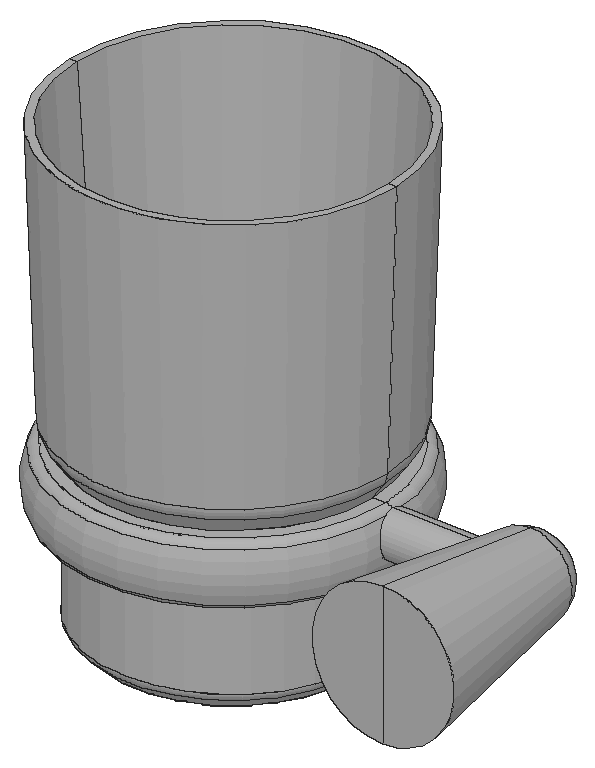
Revit family "AV6000001_Kit por 6 Accesorios Aluvia (Jabonera)", category Plumbing Fixtures, Revit 2019
Family settings
  Round Connector Dimension = Use Diameter
  Part Type = Normal
  OmniClass Number = 23.19.25.13.21.17
  Work Plane-Based = No
  Always vertical = Yes
  Cut with Voids When Loaded = No
  Shared = No
  Room Calculation Point = No
Parameters
  Uso = "Residencial"  # constant formula
  URL = "https://corona.co/productos/accesorios/kit-por-6-accesorios-aluvia/p/AV6000001"
  Resistencia = "Resistente a la corrosión pelado y decoloración por agua, Resistencia al peso general hasta 9 kg, Resistencia al peso del toallero barra hasta 23 kg"  # constant formula
  Número de piezas = "6"  # constant formula
  Materiales = "Cromado"  # constant formula
  Material = Corona_Cromo
  Línea = "Torino"  # constant formula
  Garantías de otros componentes = "2 años en acabados"  # constant formula
  Garantía = "30 años en estructura"  # constant formula
  Fecha de creación = "14/08/2020"  # constant formula
  Description = "Las líneas y formas suaves de los accesorios Aluvia están inspiradas en la erosión aluvial y se convierten en la mejor manera de modernizar el baño, manteniendo una sensación natural y relajada. ¡Descubre más de este kit!"  # constant formula
  Creado por = "IDD"  # constant formula
  Componentes = "Percha, Toallero, Jabonera, Barra, Cepillera, Portarrollo"  # constant formula
  Colección = "Gama Media 2010"  # constant formula
  Acabado = "Cromado"  # constant formula
Reference planes
  plane 1 "Center (Front/Back)": y = 0
  plane 2: z = 0
  plane 3 "Center (Left/Right)": x = 0
Forms (mm)
  Extrusion 1, solid, material "Corona_Cromo" <- "Material", detail levels coarse
    sketch origin (0, 0, 0) x (1, 0, 0) y (0, 1, 0)
      loop
        line (-124.393, 0) -> (20, 0) -> (20, 92.854) -> (-124.393, 92.854) -> (-124.393, 0)
    from -43.22 to 85.167
  Revolve 2, solid, material "Corona_Cromo" <- "Material", detail levels medium+fine
    sketch origin (-158.754, 46.398, 2.5) x (1, 0, 0) y (0, 0, 1)
      loop
        line (80.585, -40.333) -> (46.415, -40.333) -> (37.814, 82.667) -> (35.81, 82.667) -> (38.296, 11.47)
        arc (38.296, 11.47) -> (38.594, 9.82) -> (39.349, 8.324) r 5.84
        line (39.349, 8.324) -> (42.281, 4.136) -> (38.884, 4.136)
        arc (38.884, 4.136) -> (37.435, 3.718) -> (36.432, 2.591) r 2.717
        arc (36.432, 2.591) -> (34.901, -4.273) -> (36.525, -11.116) r 15.672
        arc (36.525, -11.116) -> (37.423, -12.105) -> (38.707, -12.471) r 2.435
        line (38.707, -12.471) -> (43.71, -12.471) -> (43.71, -36.966)
        arc (43.71, -36.966) -> (43.909, -37.969) -> (44.478, -38.82) r 2.622
        line (44.478, -38.82) -> (47.366, -41.709)
        arc (47.366, -41.709) -> (48.058, -42.171) -> (48.873, -42.333) r 2.131
        line (48.873, -42.333) -> (80.585, -42.333) -> (80.585, -40.333)
      axis (80.585, 82.667) -> (80.585, -42.333)
    angle from 0 to 360
  Revolve 3, solid, material "Corona_Cromo" <- "Material", detail levels medium+fine
    sketch origin (-0.004, 3.898, 0) x (0, 1, 0) y (0, 0, 1)
      loop
        line (-3.898, 0) -> (55, 0)
        arc (55, 0) -> (52.737, 6.982) -> (46.809, 11.31) r 11.904
        line (46.809, 11.31) -> (-3.898, 19.421) -> (-3.898, 0)
      axis (55, 0) -> (-3.898, 0)
    angle from 0 to 360
  Revolve 4, solid, material "Corona_Cromo" <- "Material", detail levels medium+fine
    sketch origin (-358.754, 46.398, 0) x (1, 0, 0) y (0, 0, 1)
      loop
        line (367.695, 5.963) -> (319.574, 5.963) -> (319.574, 0) -> (367.695, 0) -> (367.695, 5.963)
      axis (319.574, 0) -> (367.695, 0)
    angle from 0 to 360
Dimensions and locks
  aligned and locked: level to plane 2
